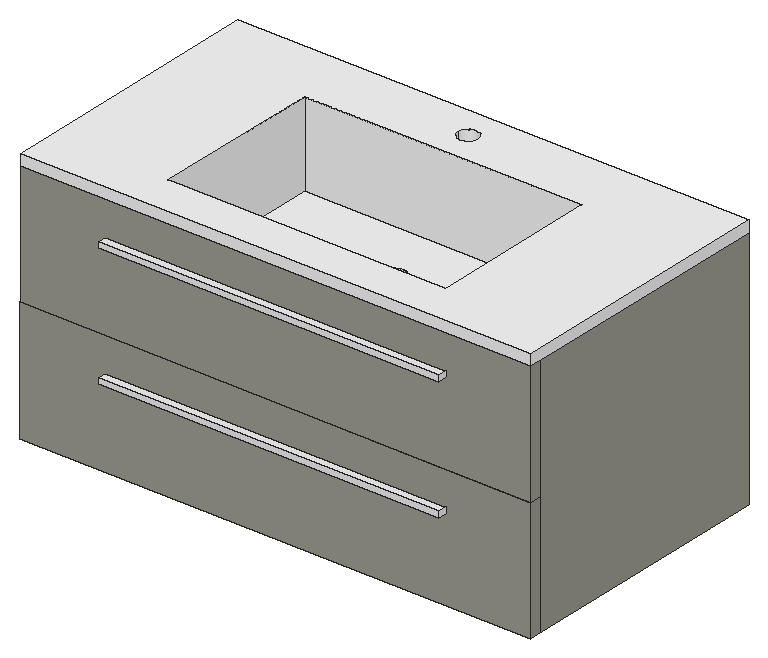
Revit family "MUEBLE SENSE 900 BRUSHED GREY", category Generic Models, Revit 2019
Family settings
  Can host rebar = No
  Round Connector Dimension = Use Diameter
  Part Type = Normal
  Work Plane-Based = No
  Always vertical = Yes
  Cut with Voids When Loaded = No
  Shared = No
  Room Calculation Point = No
Parameters (values of type "ORANS Mueble Orlando Fume (MFC 034) 060,5cm ancho")
  URL = ""
  Profundidad receptáculo = 150 mm
  Prof lavamanos = 300 mm
  Prof borde cub trasero = 110 mm
  Model = ""
  Material tirador = Acero semi pulido
  Material frentes = BLANCO
  Material cubierta = Loza blanco brillo
  Material costados = BLANCO
  Manufacturer = ""
  Largo = 800 mm
  Largo receptáculo = if(Largo = 605 mm, 426 mm, 460 mm)  # 460 mm
  Description = ""
  Ancho tirador = 600 mm
  Ancho borde cub = 155 mm
  Ancho = 480 mm
  Amcho borde cub [instance] = 70 mm
  Alto [instance] = 450 mm
  ANCHO BORDE CUB [instance] = 70 mm
Types (12, lengths in mm): name | Prof lavamanos | Prof borde cub trasero | Material frentes | Material costados | Largo | Largo receptáculo | Ancho tirador | Ancho borde cub | Ancho | Alto
  ORANS Mueble Orlando Fume (MFC 034) 060,5cm ancho | 300 | 110 | BLANCO | BLANCO | 800 | 460 | 600 | 155 | 480 | 450
  ORANS Mueble Orlando Fume (MFC 034) 070,5cm ancho | 275 | 115 | Fume (MFC 034) horizontal | Fume (MFC 034) vertical | 705 | 460 | 250 | 70 | 465 | 570
  ORANS Mueble Orlando Fume (MFC 034) 080,5cm ancho | 275 | 115 | Fume (MFC 034) horizontal | Fume (MFC 034) vertical | 805 | 460 | 250 | 70 | 465 | 570
  ORANS Mueble Orlando Fume (MFC 034) 100,5cm ancho | 275 | 115 | Fume (MFC 034) horizontal | Fume (MFC 034) vertical | 1050 | 460 | 250 | 70 | 465 | 570
  ORANS Mueble Orlando Haya Light (MFC 030) 060,5cm ancho | 275 | 115 | Haya Light (MFC 030) horizontal | Haya Light (MFC 030) vertical | 605 | 426 | 250 | 70 | 465 | 570
  ORANS Mueble Orlando Haya Light (MFC 030) 070,5cm ancho | 275 | 115 | Haya Light (MFC 030) horizontal | Haya Light (MFC 030) vertical | 705 | 460 | 250 | 70 | 465 | 570
  ORANS Mueble Orlando Haya Light (MFC 030) 080,5cm ancho | 275 | 115 | Haya Light (MFC 030) horizontal | Haya Light (MFC 030) vertical | 805 | 460 | 250 | 70 | 465 | 570
  ORANS Mueble Orlando Haya Light (MFC 030) 100,5cm ancho | 275 | 115 | Haya Light (MFC 030) horizontal | Haya Light (MFC 030) vertical | 1050 | 460 | 250 | 70 | 465 | 570
  ORANS Mueble Orlando Oak 1 (MFC 005) 060,5cm ancho | 275 | 115 | Oak1 (MFC 005) horizontal | Oak1 (MFC 005) vertical | 605 | 426 | 250 | 70 | 465 | 570
  ORANS Mueble Orlando Oak 1 (MFC 005) 070,5cm ancho | 275 | 115 | Oak1 (MFC 005) horizontal | Oak1 (MFC 005) vertical | 705 | 460 | 250 | 70 | 465 | 570
  ORANS Mueble Orlando Oak 1 (MFC 005) 080,5cm ancho | 275 | 115 | Oak1 (MFC 005) horizontal | Oak1 (MFC 005) vertical | 805 | 460 | 250 | 70 | 465 | 570
  ORANS Mueble Orlando Oak 1 (MFC 005) 100,5cm ancho | 275 | 115 | Oak1 (MFC 005) horizontal | Oak1 (MFC 005) vertical | 1050 | 460 | 250 | 70 | 465 | 570
Reference planes
  plane 1 "Center (Front/Back)": y = 0
  plane 2: z = 0
  plane 3 "Center (Left/Right)": x = 0
  plane 4: z = 430
  plane 5: z = 450
  plane 6: z = 215
Forms (mm)
  Extrusion 1, solid, material "Loza blanco brillo" <- "Material cubierta"
    sketch origin (0, 0, 0) x (1, 0, 0) y (0, 1, 0)
      loop
        line (-450, -480) -> (450, -480) -> (450, 0) -> (-450, 0) -> (-450, -480)
      loop
        line (-245, -110) -> (-245, -410) -> (245, -410) -> (245, -110) -> (-245, -110)
      loop
        circle (0, -55) r 17.5
    from 430 to 450
  Extrusion 2, solid, material "Loza blanco brillo" <- "Material cubierta"
    sketch origin (0, 0, 0) x (1, 0, 0) y (0, 1, 0)
      loop
        line (-255, -100) -> (-255, -420) -> (255, -420) -> (255, -100) -> (-255, -100)
      loop
        circle (0, -220) r 22.5
    from 290 to 430
  Extrusion 3, void
    sketch origin (0, 0, 0) x (1, 0, 0) y (0, 1, 0)
      loop
        line (-245, -110) -> (-245, -410) -> (245, -410) -> (245, -110) -> (-245, -110)
    from 300 to 430
  Extrusion 4, solid, material "BLANCO" <- "Material costados"
    sketch origin (0, 0, 0) x (1, 0, 0) y (0, 1, 0)
      loop
        line (-450, 0) -> (-450, -460) -> (-436.092, -460) -> (-436.092, 0) -> (-450, 0)
    from 0 to 430
  Extrusion 5, solid, material "BLANCO" <- "Material costados"
    sketch origin (590, 0, 0) x (1, 0, 0) y (0, 1, 0)
      loop
        line (-155, 0) -> (-155, -460) -> (-140, -460) -> (-140, 0) -> (-155, 0)
    from 0 to 430
  Extrusion 6, solid, material "BLANCO" <- "Material frentes"
    sketch origin (0, 0, 0) x (1, 0, 0) y (0, 0, 1)
      loop
        line (-450, 430) -> (-450, 215) -> (450, 215) -> (450, 430) -> (-450, 430)
    from 460 to 480
  Extrusion 7, solid, material "BLANCO" <- "Material frentes"
    sketch origin (0, 0, -200) x (1, 0, 0) y (0, 0, 1)
      loop
        line (-450, 415) -> (-450, 200) -> (450, 200) -> (450, 415) -> (-450, 415)
    from 460 to 480
  Extrusion 8, solid, material "Loza blanco brillo" <- "Material cubierta"
    sketch origin (0, 0, 0) x (1, 0, 0) y (0, 0, 1)
      loop
        line (-329.738, 300) -> (-329.738, 185) -> (335, 185) -> (335, 300) -> (-329.738, 300)
    from 450 to 460
  Extrusion 9, solid, material "Acero semi pulido"
    sketch origin (0, 0, 0) x (1, 0, 0) y (0, 0, 1)
      loop
        line (-300, 370) -> (-300, 360) -> (300, 360) -> (300, 370) -> (-300, 370)
    from 480 to 495.24
  Extrusion 10, solid, material "Acero semi pulido"
    sketch origin (0, 0, -215) x (1, 0, 0) y (0, 0, 1)
      loop
        line (-300, 370) -> (-300, 360) -> (300, 360) -> (300, 370) -> (-300, 370)
    from 480 to 495.24
  Extrusion 11, solid
    sketch origin (0, 0, 0) x (0, 1, 0) y (0, 0, 1)
      loop
        line (0, 430) -> (-20, 430) -> (-20, 20) -> (-460, 20) -> (-460, 0) -> (0, 0) -> (0, 430)
    from -436.092 to 435
Cuts and joins
  Extrusion 3 cuts Extrusion 2
  joined: Extrusion 1, Extrusion 2
Dimensions and locks
  locked: plane 5 to plane 4 at 20
  plane 5 to plane 4 = 20 mm
  "Alto": plane 5 to level
  locked: cut or joined group of Extrusion 1, Extrusion 2, Extrusion 3 to cut or joined group of Extrusion 1, Extrusion 2, Extrusion 3 at 140
  locked: cut or joined group of Extrusion 1, Extrusion 2, Extrusion 3 to cut or joined group of Extrusion 1, Extrusion 2, Extrusion 3 at 130
  equal spacing: plane 4, plane 6, level
  aligned and locked: Extrusion 1 sketch curve to plane 1 "Center (Front/Back)"
  aligned and locked: plane 5 to Extrusion 1
  aligned and locked: Extrusion 1 to plane 4
  aligned and locked: plane 4 to Extrusion 3
  aligned and locked: plane 3 "Center (Left/Right)" to Extrusion 1 sketch curve
  aligned and locked: plane 3 "Center (Left/Right)" to Extrusion 2 sketch curve
  aligned and locked: cut or joined group of Extrusion 1, Extrusion 2, Extrusion 3 to plane 1 "Center (Front/Back)"
  aligned and locked: cut or joined group of Extrusion 1, Extrusion 2, Extrusion 3 to plane 4
  aligned and locked: plane 4 to Extrusion 4
  aligned and locked: Extrusion 4 to plane 1 "Center (Front/Back)"
  aligned and locked: plane 4 to Extrusion 5
  aligned and locked: Extrusion 5 to level
  aligned and locked: Extrusion 5 to plane 4  (x2)
  aligned and locked: level to Extrusion 5  (x2)
  aligned and locked: Extrusion 4 to level
  aligned and locked: Extrusion 4 to plane 4  (x2)
  aligned and locked: plane 5 to cut or joined group of Extrusion 1, Extrusion 2, Extrusion 3
  aligned and locked: cut or joined group of Extrusion 1, Extrusion 2, Extrusion 3 to plane 5  (x2)
  aligned and locked: plane 4 to cut or joined group of Extrusion 1, Extrusion 2, Extrusion 3  (x2)
  aligned and locked: level to Extrusion 4
  aligned and locked: plane 6 to Extrusion 7
  aligned and locked: Extrusion 6 to plane 6
Automatic sketch dimensions
  plane 1 "Center (Front/Back)" to Extrusion 4 sketch curve = 0 mm
  plane 1 "Center (Front/Back)" to Extrusion 5 sketch curve = 0 mm
  Extrusion 6 sketch curve to plane 4 = 0 mm
  Extrusion 6 sketch curve to plane 6 = 0 mm
  Extrusion 7 sketch curve to level = 0 mm
  Extrusion 7 sketch curve to plane 6 = 0 mm
  Extrusion 8 sketch curve to plane 6 = 30 mm
  plane 6 to Extrusion 8 sketch curve = 85 mm
  Extrusion 9 sketch curve to plane 4 = 70 mm
  Extrusion 9 sketch curve to Extrusion 9 sketch curve = 10 mm
  Extrusion 10 sketch curve to plane 6 = 70 mm
  Extrusion 10 sketch curve to Extrusion 10 sketch curve = 10 mm
  Extrusion 1 sketch curve to plane 3 "Center (Left/Right)" = 245 mm
  Extrusion 1 sketch curve to Extrusion 1 sketch curve = 205 mm  (x2)
  plane 3 "Center (Left/Right)" to Extrusion 1 sketch curve = 245 mm
  Extrusion 2 sketch curve to plane 3 "Center (Left/Right)" = 255 mm
  plane 3 "Center (Left/Right)" to Extrusion 2 sketch curve = 255 mm
  Extrusion 3 sketch curve to plane 3 "Center (Left/Right)" = 245 mm
  plane 3 "Center (Left/Right)" to Extrusion 3 sketch curve = 245 mm
  Extrusion 4 sketch curve to plane 3 "Center (Left/Right)" = 450 mm
  Extrusion 4 sketch curve to Extrusion 4 sketch curve = 13.908 mm
  plane 3 "Center (Left/Right)" to Extrusion 5 sketch curve = 435 mm
  Extrusion 5 sketch curve to Extrusion 5 sketch curve = 15 mm
  Extrusion 6 sketch curve to plane 3 "Center (Left/Right)" = 450 mm
  plane 3 "Center (Left/Right)" to Extrusion 6 sketch curve = 450 mm
  Extrusion 7 sketch curve to plane 3 "Center (Left/Right)" = 450 mm
  plane 3 "Center (Left/Right)" to Extrusion 7 sketch curve = 450 mm
  Extrusion 8 sketch curve to plane 3 "Center (Left/Right)" = 329.738 mm
  plane 3 "Center (Left/Right)" to Extrusion 8 sketch curve = 335 mm
  Extrusion 9 sketch curve to plane 3 "Center (Left/Right)" = 300 mm
  plane 3 "Center (Left/Right)" to Extrusion 9 sketch curve = 300 mm
  Extrusion 10 sketch curve to plane 3 "Center (Left/Right)" = 300 mm
  plane 3 "Center (Left/Right)" to Extrusion 10 sketch curve = 300 mm
  plane 1 "Center (Front/Back)" to Extrusion 1 sketch curve = 55 mm
  plane 1 "Center (Front/Back)" to Extrusion 1 sketch curve = 110 mm
  Extrusion 1 sketch curve to Extrusion 1 sketch curve = 300 mm
  Extrusion 1 sketch curve to Extrusion 1 sketch curve = 70 mm
  plane 1 "Center (Front/Back)" to Extrusion 2 sketch curve = 420 mm
  plane 1 "Center (Front/Back)" to Extrusion 2 sketch curve = 220 mm
  plane 1 "Center (Front/Back)" to Extrusion 2 sketch curve = 100 mm
  plane 1 "Center (Front/Back)" to Extrusion 3 sketch curve = 410 mm
  plane 1 "Center (Front/Back)" to Extrusion 3 sketch curve = 110 mm
  plane 1 "Center (Front/Back)" to Extrusion 4 sketch curve = 460 mm
  plane 1 "Center (Front/Back)" to Extrusion 5 sketch curve = 460 mm
  Extrusion 11 sketch curve to level = 0 mm
  Extrusion 11 sketch curve to plane 4 = 0 mm
  Extrusion 11 sketch curve to plane 1 "Center (Front/Back)" = 0 mm
  plane 1 "Center (Front/Back)" to Extrusion 11 sketch curve = 20 mm
  Extrusion 11 sketch curve to Extrusion 11 sketch curve = 440 mm
  level to Extrusion 11 sketch curve = 20 mm
  radius of Extrusion 1 sketch curve = 17.5 mm
  radius of Extrusion 2 sketch curve = 22.5 mm
